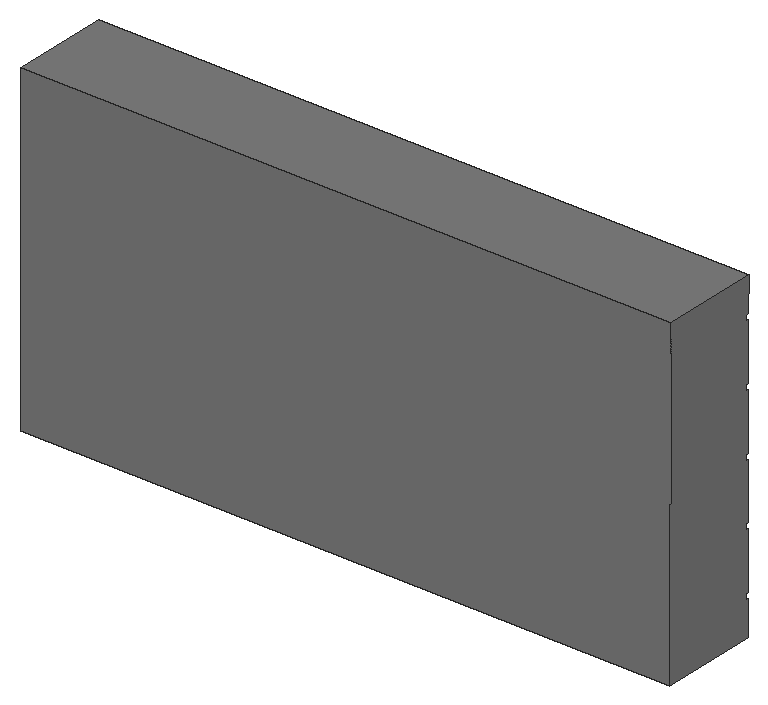
Revit family "Etixx37_ep180_R4-75", category Equipement spécialisé, Revit 2016
Family settings
  Type d'élément = Normal
  Cote de connecteur circulaire = Utiliser le diamètre
  Basée sur le plan de construction = Non
  Toujours verticalement = Oui
  Couper avec des vides une fois chargée = Non
  Partagée = Non
  Point de calcul de pièce = Non
Parameters (values of type "Etixx37_ep180_R4-75")
  Visibilité [instance] = yes
  URL = "https://www.isobox-isolation.fr/sites/default/files/produit_documents/plaquette_etixx_31_37juin2018_0.pdf"
  Transmission de la vapeur d’eau (μ) = "20-40"  # constant formula
  Résistance thermique = 4.7500 (m²·K)/W  # constant formula
  Modèle = "ep : 180mm"  # constant formula
  Matériaux = Isolant PSE Etixx 37
  Longueur [instance] = 1200.00 mm
  Largeur [instance] = 600.00 mm
  Image du type = Image_Etixx37.jpg
  Fabricant = "Isobox"  # constant formula
  Epaisseur = 180.00 mm  # constant formula
  Empreinte carbone (Kg eq CO²/m²) = 11.72  # constant formula
  Description = "Etixx37 épaisseur 180"  # constant formula
  Coût = 0  # constant formula
  Conductivité thermique = 0.0310 W/(m·K)  # constant formula
Reference planes
  plane 1 "Centre (avant/arrière)": z = 0
  plane 2: y = 655.866
  plane 3 "Centre (gauche/droite)": x = 298.55
  plane 4 "Extérieur": y = 475.866
  plane 5: x = -901.45
  plane 6: z = 600
Forms (mm)
  Extrusion 1, solid, material "Isolant PSE Etixx 37" <- "Matériaux"
    sketch origin (0, 655.866, 600) x (0, 0, 1) y (-1, 0, 0)
      loop
        line (-600, 901.45) -> (-600, -298.55) -> (0, -298.55) -> (0, 901.45) -> (-600, 901.45)
    from 0 to 180
  Extrusion 2, void
    sketch origin (2.901, 655.866, 520) x (0, 0, 1) y (-1, 0, 0)
      loop
        line (-455, 904.351) -> (-455, -295.649) -> (-445, -295.649) -> (-445, 904.351) -> (-455, 904.351)
      loop
        line (-340, 904.351) -> (-340, -295.649) -> (-330, -295.649) -> (-330, 904.351) -> (-340, 904.351)
      loop
        line (-225, 904.351) -> (-225, -295.649) -> (-215, -295.649) -> (-215, 904.351) -> (-225, 904.351)
      loop
        line (-110, 904.351) -> (-110, -295.649) -> (-100, -295.649) -> (-100, 904.351) -> (-110, 904.351)
      loop
        line (5, 904.351) -> (5, -295.649) -> (15, -295.649) -> (15, 904.351) -> (5, 904.351)
    from 0 to 5
Cuts and joins
  Extrusion 2 cuts Extrusion 1
Dimensions and locks
  "Epaisseur": plane 4 "Extérieur" to plane 2
  "Longueur": plane 5 to plane 3 "Centre (gauche/droite)"
  "Largeur": plane 6 to level
  aligned and locked: plane 4 "Extérieur" to cut or joined group of Extrusion 1, Extrusion 2
  aligned and locked: plane 1 "Centre (avant/arrière)" to cut or joined group of Extrusion 1, Extrusion 2
  aligned and locked: plane 5 to Extrusion 1
  aligned and locked: plane 6 to cut or joined group of Extrusion 1, Extrusion 2
  aligned and locked: Extrusion 1 to Extrusion 2  (x9)
  aligned and locked: plane 3 "Centre (gauche/droite)" to Extrusion 2
Automatic sketch dimensions
  Extrusion 1 sketch curve to level = 0.00 mm
  Extrusion 1 sketch curve to plane 3 "Centre (gauche/droite)" = 0.00 mm
  level to Extrusion 1 sketch curve = 600.00 mm
  Extrusion 1 sketch curve to Extrusion 1 sketch curve = 1200.00 mm
  plane 3 "Centre (gauche/droite)" to Extrusion 2 sketch curve = 0.00 mm  (x5)
  level to Extrusion 2 sketch curve = 65.00 mm
  Extrusion 2 sketch curve to Extrusion 2 sketch curve = 10.00 mm  (x5)
  Extrusion 2 sketch curve to Extrusion 2 sketch curve = 105.00 mm  (x4)
  Extrusion 2 sketch curve to Extrusion 2 sketch curve = 1200.00 mm
  Extrusion 2 sketch curve to Extrusion 2 sketch curve = 0.00 mm  (x4)
